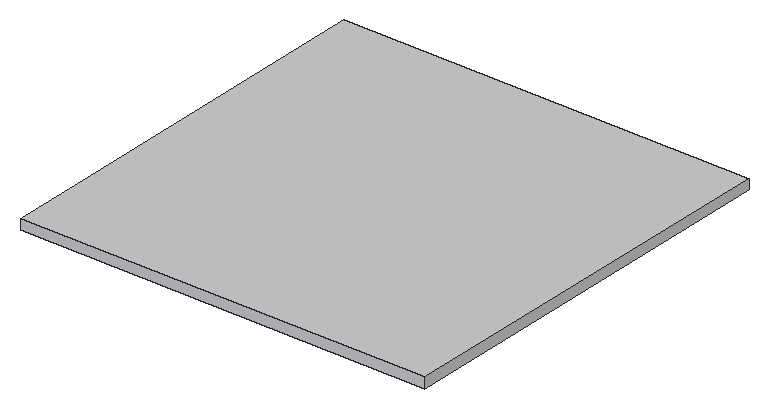
Revit family "DOMO SENSIA UE Pila", category Aparatos sanitarios, Revit 2015
Parameters (values of type "79600")
  URL = "http://www.prestoiberica.com/urinario/electronicos/presto-domo-sensia-ue?c=es"
  Teléfono = "(+34) 915 782 575"
  TIPO DE AGUA = ""
  REFERENCIA = "79600"
  Presión Máxima = "8 bar"
  PESO BRUTO = "0.750 Kg"
  Modelo = "PRESTO DOMO SENSIA UE"
  Material = Presto Ibérica: LATON NIQUELADO
  Imagen de tipo = <Ninguno>
  Fabricante = "PRESTO IBÉRICA"
  Default Elevation = 1219.2 mm
  ENTRADA = "Macho 1/2\""
  Descripción = "Grifo electrónico para urinario, fijación mural."
  Código de montaje = "C1030220"
  Contacto = "info@prestoiberica.com"
  Conexión AF = yes
  Conexión AC = yes
  Comentarios de tipo = "◦Descarga de 4 seg después de que el usuario haya abandonado el urinario\r\n◦Proceso automático de adaptación al medio\r\nPack de batería estanco IP65 compuesto por una batería de 6 V\r\n◦Indicación de batería baja mediante LED de comunicación\r\n◦Presión de uso recomendada: 1-5 bar (min, 08 – max 8 bar)\r\n◦Ahorro de agua y energía\r\n◦Componentes integrados: mantenimiento sencillo y excelente estanqueidad\r\n◦Conexiones internas estancas\r\n◦Cierre automático en caso de pila agotada\r\n◦Aclarado automático cada 24h\r\n◦Suministrado con: Batería CPR2\r\n◦Sistema de fijación antivandálico con placa intermedia\r\n◦Transformacion"
  CIERRE = ""
  CAUDAL = "1 L/Min"
  Accionamiento = ""
Reference planes
  plane 1 "Centro (Frontal/Posterior)": y = 0
  plane 2: z = 0
  plane 3 "Centro (Izquierda/Derecha)": x = 0
Forms (mm)
  Extrusion 1, solid
    sketch origin (0, 0, 0) x (1, 0, 0) y (0, 1, 0)
      loop
        line (-100, 100) -> (-100, -100) -> (100, -100) -> (100, 100) -> (-100, 100)
    from 0 to -5
Dimensions and locks
  Extrusion 1 sketch curve to plane 1 "Centro (Frontal/Posterior)" = 100 mm
  aligned and locked: plane 2 to Extrusion 1
  aligned and locked: level to Extrusion 1
Connectors
  piping at (0, 37, -60), diameter 12.7
    settings: on import instance, index 1, connector inside diameter 609.6 mm, connector length 0 mm, flow factor 0, pipe flow 0.0 L/s, pressure drop 0.0 Pa, fitting loss kfactor 0, connector angle 0.00°, fixture units 0, engagement length 0 mm, angle of deflection 0.00°, flow configuration 0, flow direction 1, fitting loss method 0, system type 20, joint type 0, gender type 0, connector reference index -1, connector utility 0, adjustable connector no, is connector primary yes, connector description ""
